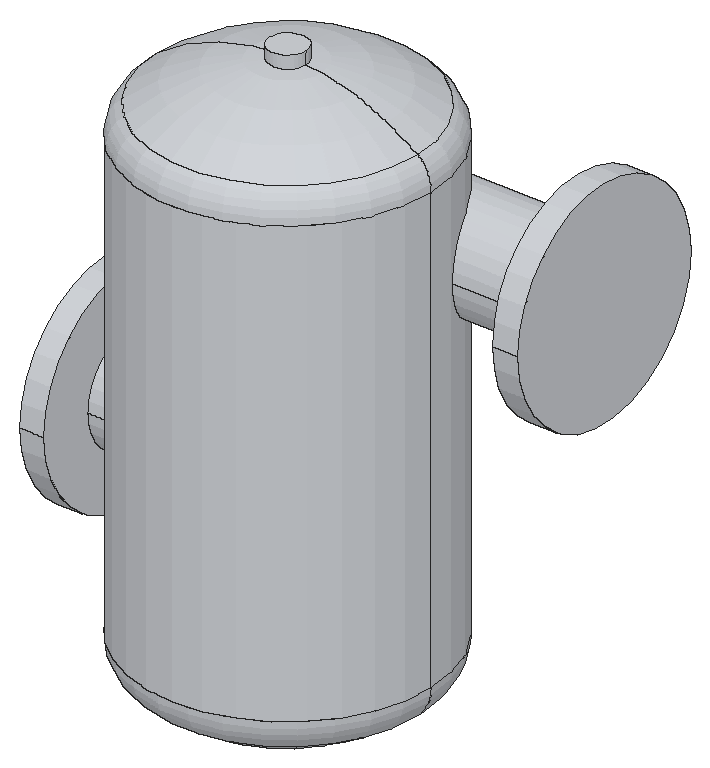
Revit family
Parameters (values of type "4-AS-L 125# W.P.")
  Weight = "75 lbs"
  Top to Inlet = 7.156"
  Top Connection Radius = 0.375"
  Top Connection Diameter = Top Connection Radius * 2  # 0.750"
  Tangential = yes
  Tank Height = 24.563"
  Tank Diameter = 12.000"
  Pipe Location off CL = 3.500"
  Outlet Pipe Flange Conn. Radius = Outlet Pipe Flange Conn / 2  # 2.000"
  Outlet Pipe Flange Conn = 4.000"
  Model = "4\"-AS-L"
  Pressure Drop = ".58"
  Max Operating Temp = "350 DEG F"
  Max Operating Pressure = "125 PSI"
  Manufacturer = "Amtrol"
  Inlet CL to Outlet CL = 10.000"
  Inlet Pipe Flange Conn = 4.000"
  Inlet Pipe Flange Conn. Radius = Inlet Pipe Flange Conn / 2  # 2.000"
  Flow (GPM) = "245"
  Flange to Flange Height = 20.750"
  CL to Outlet Flange = 10.375"
  Bottom Connection Radius = Bottom Connection Diameter / 2  # 0.375"
  Bottom Connection Diameter = 0.750"
  ASME = yes
Types (4): name | Max Operating Pressure
  (no name) | "125 PSI"
  4-AS-L 125# W.P. | "125 PSI"
  4-AS-L 150# W.P. 10 BAR | "150 PSI"
  4-AS-L 250# W.P. | "250 PSI"
Reference planes (in)
  plane 1 "Center (Front/Back)": y = 0
  plane 2: z = 0
  plane 3 "Center (Left/Right)": x = 0
Forms (in)
  Revolve 1, solid
    sketch origin (0, 0, 0) x (1, 0, 0) y (0, 0, 1)
      loop
        line (0, 25.063) -> (0, 0.5)
        arc (0, 0.5) -> (2.80302, 0.93912) -> (5.33171, 2.22576) r 9.03631
        arc (5.33171, 2.22576) -> (5.82327, 2.8013) -> (5.99996, 3.53728) r 1.62112
        line (5.99996, 3.53728) -> (5.99996, 22.0906)
        arc (5.99996, 22.0906) -> (5.8693, 22.76869) -> (5.43384, 23.30465) r 1.41797
        arc (5.43384, 23.30465) -> (2.86312, 24.63561) -> (0, 25.063) r 8.82397
      axis (0, 0.5) -> (0, 25.063)
    angle from 0 to 360
  Extrusion 2, solid
    sketch origin (0, 0, -1.34886) x (0, 1, 0) y (0, 0, 1)
      loop
        circle (3.5, 19.43178) r 2.25
    from 2.04863 to 9.375
  Extrusion 3, solid
    sketch origin (1.70157, 0, 1.33708) x (0, 1, 0) y (0, 0, 1)
      loop
        circle (3.5, 6.56456) r 2.25
    from -11.07657 to -1.70157
  Extrusion 4, solid
    sketch origin (0, 0, 2.11946) x (0, 1, 0) y (0, 0, 1)
      loop
        circle (3.5, 15.82809) r 4.5
    from 9.375 to 10.4375
  Extrusion 5, solid
    sketch origin (0, 0, 0) x (0, 1, 0) y (0, 0, 1)
      loop
        circle (3.5, 7.96049) r 4.5
    from -9.375 to -10.375
  Sweep 6, solid
    path origin (0.02118, 0, 1.8642) x (1, 0, 0) y (0, 0, 1)
      loop
        line (0, 23.1815) -> (0, 23.6875)
    profile origin (0.02118, 0, 25.2987) x (-1, 0, 0) y (0, -1, 0)
      loop
        circle (0, 0) r 0.75
  Sweep 7, solid
    path origin (0, 0, 0) x (1, 0, 0) y (0, 0, 1)
      loop
        line (0, 0) -> (0, 0.5538)
    profile origin (0, 0, 0.2769) x (-1, 0, 0) y (0, -1, 0)
      loop
        circle (0, 0) r 0.75
Lines and regions (in)
  reference lines
    curve 1: line (8.65956, 0, 15.875) -> (0, 0, 15.875)
Text (in)
  text "INLET" at (12.80309, 0, 21.84439), in view "Front"
  text "OUTLET" at (-19.15084, 0, 6.83556), in view "Front"
Dimensions and locks (in)
  "Pipe Location off CL": plane 1 "Center (Front/Back)" to Extrusion 2 sketch curve
  "Pipe Location off CL": plane 1 "Center (Front/Back)" to Extrusion 3 sketch curve
  "Pipe Location off CL": Extrusion 5 sketch curve to plane 1 "Center (Front/Back)"
  "Pipe Location off CL": Extrusion 4 sketch curve to plane 1 "Center (Front/Back)"
  "CL to Outlet Flange": Extrusion 5 to plane 3 "Center (Left/Right)"
  "Tank Height": Revolve 1 sketch curve to Revolve 1 sketch curve
  locked: Revolve 1 sketch curve to level at 0.5
  locked: Revolve 1 sketch curve to Revolve 1 sketch curve at 5.99996
  aligned and locked: Revolve 1 sketch curve to plane 3 "Center (Left/Right)"
  aligned and locked: Sweep 7 to Revolve 1 sketch curve
  aligned and locked: plane 3 "Center (Left/Right)" to Revolve 1 sketch curve
  aligned and locked: plane 3 "Center (Left/Right)" to Extrusion 3
Automatic sketch dimensions
  level to Extrusion 2 sketch curve = 18.08292"
  level to Extrusion 3 sketch curve = 7.90165"
  curve 1 to plane 3 "Center (Left/Right)" = 0.000"
  curve 1 to curve 1 = 8.65956"
  level to Extrusion 4 sketch curve = 17.94755"
  level to Extrusion 5 sketch curve = 7.96049"
  plane 3 "Center (Left/Right)" to Sweep 6 sketch curve = 0.02118"
  level to Sweep 6 sketch curve = 25.0457"
  Sweep 6 sketch curve to Sweep 6 sketch curve = 0.506"
  plane 1 "Center (Front/Back)" to Sweep 6 sketch curve = 0.000"
  Sweep 6 sketch curve to profile plane = 0.000"
  Sweep 7 sketch curve to plane 3 "Center (Left/Right)" = 0.000"
  Sweep 7 sketch curve to level = 0.000"
  level to Sweep 7 sketch curve = 0.5538"
  plane 1 "Center (Front/Back)" to Sweep 7 sketch curve = 0.000"
  Sweep 7 sketch curve to profile plane = 0.000"
  plane 3 "Center (Left/Right)" to Revolve 1 sketch curve = 0.0203"
  plane 3 "Center (Left/Right)" to Revolve 1 sketch curve = 0.14644"
  Revolve 1 sketch curve to Revolve 1 sketch curve = 1.62112"
  Revolve 1 sketch curve to Revolve 1 sketch curve = 1.41578"
  Revolve 1 sketch curve to Revolve 1 sketch curve = 0.66825"
  Revolve 1 sketch curve to Revolve 1 sketch curve = 0.000"  (x2)
  Revolve 1 sketch curve to Revolve 1 sketch curve = 0.56612"
  Revolve 1 sketch curve to Revolve 1 sketch curve = 6.70396"
  Revolve 1 sketch curve to Revolve 1 sketch curve = 1.937"
  level to curve 1 = 15.875"
  radius of Extrusion 2 sketch curve = 2.250"
  radius of Extrusion 3 sketch curve = 2.250"
  radius of Extrusion 4 sketch curve = 4.500"
  radius of Extrusion 5 sketch curve = 4.500"
  radius of Sweep 6 sketch curve = 0.750"
  radius of Sweep 7 sketch curve = 0.750"
Connectors (in)
  piping at (10.4375, 3.5, 17.94755), driven by "Inlet Pipe Flange Conn. Radius"
    settings: on Extrusion 4, index 1
  piping at (0.02118, 0, 25.5517), driven by "Top Connection Radius"
    settings: on Sweep 6, index 3
  piping at (-10.375, 3.5, 7.96049), driven by "Outlet Pipe Flange Conn. Radius"
    settings: on Extrusion 5, index 4
  piping at (0, 0, 0), driven by "Bottom Connection Radius"
    settings: on Sweep 7, index 5
